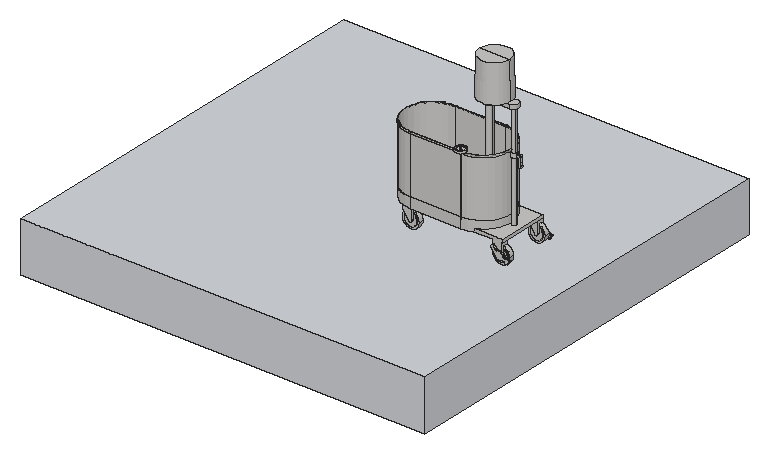
Revit family
Parameters (values of type "E-15-M")
  Waste Connection = yes
  WFU = 4
  Voltage = 115
  Vent Connection = no
  URL = "http://www.whitehallmfg.com/"
  Type Comments = ""
  Tempered Water Connection = yes
  Phone# = "626-336-4561"
  Model = "E-15-M"
  Material = Stainless-Whitehall-Type 304-Steel
  Manufacturer = "Whitehall Manufacturing "
  Hertz = 60
  HWFU = 3
  HW Connection = yes
  Designed By = "Allied Technical Services"  # constant formula
  Description = "E Series 15 Gallon Mobile Whirlpool E-15-M"
  Default Elevation = 0"
  Creation Date = "09/16/2015"  # constant formula
  CWFU = 2
  CW Connection = yes
  Assembly Code = "D2010510"
  Amperage = 8
  -PCS - Pump Cover Strainer = no
  -M-SDP Mobile Whirlpool with Seperate Srain Pump = no
  -M-MU - Mobile Whirlpool with Undercarriage = no
  -M-MH Mobile Whirlpool with Handle = no
  -M-DS - Mobile Whirlpool with Sump = no
  -M Mobile Whirlpool = yes
  -HL - Hydro Lift = no
  -GFI - Ground Fault Interrupter = no
  -EG Enviro Glaze Color Powder Coating (Specify Color) = no
  -E - Extremity Series = yes
  -ARS - Arm Rest Support = no
  -ALS - Adjustable Low Stool = no
  -ALC - Adjustable Low Chair = no
  -AHC2 - Adjustable High Chair with Rubber Tips = no
  -AHC1 - Adjustable High Chair with Casters = no
  -ADH - Auxiliary Drain Hose Assembly = no
  -60 Hz -Turbine Assembly = no
  -50 Hz -Turbine Assembly = no
  -15 Gallon Capacity = yes
Reference planes (in)
  plane 1 "Center (Front/Back)": y = 0
  plane 2: z = 0
  plane 3 "Center (Left/Right)": x = 30
  plane 4: x = 5
  plane 5: y = -6.5
  plane 6: y = 6.5
  plane 7: z = 21
  plane 8: z = 6
  plane 9: y = 5.274602
  plane 10: y = -5.274602
Forms (in)
  Extrusion 1, solid
    sketch origin (0, 0, 0) x (1, 0, 0) y (0, 1, 0)
      loop
        line (-48, 48) -> (-48, -48) -> (48, -48) -> (48, 48) -> (-48, 48)
    from 0 to -12
  Revolve 2, solid, material "Stainless-Whitehall-Type 304-Steel" <- "Material"
    sketch origin (-5.9536457, 0, 0.140625) x (-1, 0, 0) y (0, 0, 1)
      loop
        line (-30.9536457, 8.9711935) -> (-30.9536457, 31.109375) -> (-31.8286457, 31.109375) -> (-31.8286457, 28.9711935) -> (-31.6411457, 28.9711935) -> (-31.6411457, 8.9711935) -> (-30.9536457, 8.9711935)
      axis (-30.9536457, 8.9711935) -> (-30.9536457, 31.109375)
    angle from 0 to 360
  Revolve 3, solid, material "Stainless-Whitehall-Type 304-Steel" <- "Material"
    sketch origin (-4.7036457, 0, 0.140625) x (-1, 0, 0) y (0, 0, 1)
      loop
        line (-30.9536457, 31.109375) -> (-27.2036457, 31.109375) -> (-27.3806457, 39.859375) -> (-30.9536457, 39.859375) -> (-30.9536457, 31.109375)
      axis (-30.9536457, 31.109375) -> (-30.9536457, 39.859375)
    angle from 0 to 360
  Blend 4, solid, material "Stainless-Whitehall-Type 304-Steel" <- "Material"
    base sketch origin (-5.9536457, 0, 0.140625) x (-1, 0, 0) y (0, -1, 0)
      loop
        circle (-30.9536457, 0) r 0.875
    top sketch origin (-5.9536457, 0, 0.140625) x (-1, 0, 0) y (0, -1, 0)
      loop
        circle (-32.2036457, 0) r 3.573
    from 29.8138137 to 31.109375
  Extrusion 5, solid, material "Stainless-Whitehall-Type 304-Steel" <- "Material"
    sketch origin (-5.9536457, 0, 0.140625) x (-1, 0, 0) y (0, -1, 0)
      loop
        line (-36.6500311, -1.11632) -> (-33.2280323, -1.11632)
        arc (-33.2280323, -1.11632) -> (-32.1117123, 0) -> (-33.2280323, 1.11632) r 1.11632
        line (-33.2280323, 1.11632) -> (-36.6500311, 1.11632)
        arc (-36.6500311, 1.11632) -> (-37.7663512, 0) -> (-36.6500311, -1.11632) r 1.11632
    from 31.109375 to 30.2822276
  Extrusion 6, solid, material "Stainless-Whitehall-Type 304-Steel" <- "Material"
    sketch origin (13.8127054, 0, -0.4872892) x (1, 0, 0) y (0, 1, 0)
      loop
        line (12.2133517, -6) -> (19.1255449, -6) -> (19.1255449, 6) -> (12.2133517, 6) -> (12.2133517, -6)
    from 5.2372892 to 6
  Extrusion 7, solid, material "Stainless-Whitehall-Type 304-Steel" <- "Material"
    sketch origin (73.1074255, -5.0493064, 12.996087) x (-1, 0, 0) y (0, 0, -1)
      loop
        line (40.303103, 8.246087) -> (42.4852648, 8.246087) -> (42.4852648, 9.1453202) -> (41.0074764, 11.2558207)
        arc (41.0074764, 11.2558207) -> (40.5647627, 11.3714546) -> (40.303103, 10.996087) r 0.4000744
        line (40.303103, 10.996087) -> (40.303103, 8.246087)
    from -0.5001024 to 0.9506936
  Extrusion 8, solid, material "Stainless-Whitehall-Type 304-Steel" <- "Material"
    sketch origin (73.1076463, -36.7614084, 12.996087) x (-1, 0, 0) y (0, 0, -1)
      loop
        circle (40.7031774, 10.996087) r 2
    from -31.9868064 to -30.9868064
  Extrusion 9, solid, material "Stainless-Whitehall-Type 304-Steel" <- "Material"
    sketch origin (73.1074255, -37.2595283, 12.996087) x (-1, 0, 0) y (0, 0, -1)
      loop
        circle (40.7031774, 10.996087) r 1.5
    from -32.5445972 to -31.430933
  Extrusion 10, solid, material "Stainless-Whitehall-Type 304-Steel" <- "Material"
    sketch origin (73.1074255, 5.0493064, 12.996087) x (-1, 0, 0) y (0, 0, 1)
      loop
        line (40.303103, -8.246087) -> (40.303103, -10.996087)
        arc (40.303103, -10.996087) -> (40.5647627, -11.3714546) -> (41.0074764, -11.2558207) r 0.4000744
        line (41.0074764, -11.2558207) -> (42.4852648, -9.1453202) -> (42.4852648, -8.246087) -> (40.303103, -8.246087)
    from -0.5001024 to 0.9506936
  Extrusion 11, solid, material "Stainless-Whitehall-Type 304-Steel" <- "Material"
    sketch origin (73.1076463, 36.7614084, 12.996087) x (-1, 0, 0) y (0, 0, 1)
      loop
        circle (40.7031774, -10.996087) r 2
    from -31.9868064 to -30.9868064
  Extrusion 12, solid, material "Stainless-Whitehall-Type 304-Steel" <- "Material"
    sketch origin (73.1074255, 37.2595283, 12.996087) x (-1, 0, 0) y (0, 0, 1)
      loop
        circle (40.7031774, -10.996087) r 1.5
    from -32.5445972 to -31.430933
  Extrusion 13, solid, material "Stainless-Whitehall-Type 304-Steel" <- "Material"
    sketch origin (13.8717283, 0.5, -0.6424283) x (1, 0, 0) y (0, 0, 1)
      loop
        arc (17.8074552, 2.1402058) -> (18.1232646, 1.8611113) -> (18.5325197, 1.7604158) r 0.8820124
        line (18.5325197, 1.7604158) -> (19.745802, 1.7604158) -> (19.745802, 1.4187655) -> (20.4695508, 1.4187655) -> (20.4695508, 1.7884362)
        arc (20.4695508, 1.7884362) -> (20.7658157, 1.9141932) -> (20.9218519, 2.1956899) r 0.4942905
        line (20.9218519, 2.1956899) -> (20.9488494, 2.3488005) -> (19.8764669, 2.5378905)
        arc (19.8764669, 2.5378905) -> (19.5773177, 2.6679642) -> (19.3698261, 2.9196717) r 0.6986743
        arc (19.3698261, 2.9196717) -> (18.9709336, 3.4077643) -> (18.3481133, 3.504948) r 0.8820124
        arc (18.3481133, 3.504948) -> (17.9255403, 3.5605808) -> (17.5660706, 3.7895883) r 0.984615
        line (17.5660706, 3.7895883) -> (16.8828764, 4.4727825) -> (16.7377213, 4.3276274)
        arc (16.7377213, 4.3276274) -> (16.6089496, 4.0523893) -> (16.6864779, 3.7585738) r 0.4457879
        line (16.6864779, 3.7585738) -> (17.8074552, 2.1402058)
    from 6.5 to 6.875
  Extrusion 14, solid, material "Stainless-Whitehall-Type 304-Steel" <- "Material"
    sketch origin (13.8717283, -0.5, -0.6424283) x (1, 0, 0) y (0, 0, -1)
      loop
        line (17.8074552, -2.1402058) -> (16.6864779, -3.7585738)
        arc (16.6864779, -3.7585738) -> (16.6089496, -4.0523893) -> (16.7377213, -4.3276274) r 0.4457879
        line (16.7377213, -4.3276274) -> (16.8828764, -4.4727825) -> (17.5660706, -3.7895883)
        arc (17.5660706, -3.7895883) -> (17.9255403, -3.5605808) -> (18.3481133, -3.504948) r 0.984615
        arc (18.3481133, -3.504948) -> (18.9709336, -3.4077643) -> (19.3698261, -2.9196717) r 0.8820124
        arc (19.3698261, -2.9196717) -> (19.5773177, -2.6679642) -> (19.8764669, -2.5378905) r 0.6986743
        line (19.8764669, -2.5378905) -> (20.9488494, -2.3488005) -> (20.9218519, -2.1956899)
        arc (20.9218519, -2.1956899) -> (20.7658157, -1.9141932) -> (20.4695508, -1.7884362) r 0.4942905
        line (20.4695508, -1.7884362) -> (20.4695508, -1.4187655) -> (19.745802, -1.4187655) -> (19.745802, -1.7604158) -> (18.5325197, -1.7604158)
        arc (18.5325197, -1.7604158) -> (18.1232646, -1.8611113) -> (17.8074552, -2.1402058) r 0.8820124
    from 6.5 to 6.875
  Sweep 15, solid, material "Stainless-Whitehall-Type 304-Steel" <- "Material"
    path origin (14, 0, 0) x (1, 0, 0) y (0, 1, 0)
      loop
        arc (-2.5, 6.5) -> (-9, 0) -> (-2.5, -6.5) r 6.5
        line (-2.5, -6.5) -> (9.5, -6.5)
        arc (9.5, -6.5) -> (16, 0) -> (9.5, 6.5) r 6.5
        line (9.5, 6.5) -> (-2.5, 6.5)
    profile origin (5, 0, 0) x (1, 0, 0) y (0, 0, 1)
      loop
        line (0.1, 4.75) -> (0.1, 21) -> (0, 21)
        arc (0, 21) -> (-0.125, 20.875) -> (0, 20.75) r 0.125
        line (0, 20.75) -> (0, 7.25) -> (-0.0625, 7.25) -> (-0.0625, 4.75) -> (0.1, 4.75)
  Extrusion 16, solid, material "Stainless-Whitehall-Type 304-Steel" <- "Material"
    sketch origin (14.1, 0, 0) x (1, 0, 0) y (0, 1, 0)
      loop
        arc (-2.6, 6.4) -> (-9, 0) -> (-2.6, -6.4) r 6.4
        line (-2.6, -6.4) -> (9.4, -6.4)
        arc (9.4, -6.4) -> (15.8, 0) -> (9.4, 6.4) r 6.4
        line (9.4, 6.4) -> (-2.6, 6.4)
    from 5.2372892 to 6
  Revolve 17, void
    sketch origin (14.225, 0, 0) x (1, 0, 0) y (0, 0, 1)
      loop
        line (10.75, 5.5127108) -> (11.65625, 5.5127108) -> (11.65625, 5.6251113) -> (12.6862483, 6) -> (10.75, 6) -> (10.75, 5.5127108)
      axis (10.75, 6) -> (10.75, 5.5127108)
    angle from 0 to 360
  Extrusion 18, solid, material "Stainless-Whitehall-Type 304-Steel" <- "Material"
    sketch origin (14.0000314, 23.8554995, -11.2118319) x (1, 0, 0) y (0, 0, 1)
      loop
        line (17, 31.75) -> (17, 31.2595731) -> (17.875, 31.2595731)
        arc (17.875, 31.2595731) -> (18.0517767, 31.1863498) -> (18.125, 31.0095731) r 0.25
        line (18.125, 31.0095731) -> (18.125, 30.3331609)
        arc (18.125, 30.3331609) -> (18.1027331, 29.9099894) -> (18.0361785, 29.4914915) r 4.0322249
        arc (18.0361785, 29.4914915) -> (18.3125, 29.1499688) -> (18.5888215, 29.4914915) r 0.2825454
        arc (18.5888215, 29.4914915) -> (18.5222669, 29.9099894) -> (18.5, 30.3331609) r 4.0322249
        line (18.5, 30.3331609) -> (18.5, 31.5)
        arc (18.5, 31.5) -> (18.4267767, 31.6767767) -> (18.25, 31.75) r 0.25
        line (18.25, 31.75) -> (17, 31.75)
    from 23.6054995 to 24.1054995
  Revolve 19, solid, material "Stainless-Whitehall-Type 304-Steel" <- "Material"
    sketch origin (0, 0, 0) x (1, 0, 0) y (0, 0, 1)
      loop
        line (30.8541533, 5.5127108) -> (31.3541533, 5.5127108) -> (31.3541533, 19.9228526) -> (31.4791533, 19.9228526) -> (31.4791533, 20.6728526) -> (31.2291533, 20.6728526) -> (31.2291533, 30.4228526) -> (30.8541533, 30.4228526) -> (30.8541533, 5.5127108)
      axis (30.8541533, 30.4228526) -> (30.8541533, 5.5127108)
    angle from 0 to 360
  Extrusion 20, solid, material "Stainless-Whitehall-Type 304-Steel" <- "Material"
    sketch origin (-29.7582339, -36.7614084, 12.996087) x (1, 0, 0) y (0, 0, 1)
      loop
        circle (40.7031774, -10.996087) r 2
    from -31.9868064 to -30.9868064
  Extrusion 21, solid, material "Stainless-Whitehall-Type 304-Steel" <- "Material"
    sketch origin (-29.758013, -37.2595283, 12.996087) x (1, 0, 0) y (0, 0, 1)
      loop
        circle (40.7031774, -10.996087) r 1.5
    from -32.5445972 to -31.430933
  Extrusion 22, solid, material "Stainless-Whitehall-Type 304-Steel" <- "Material"
    sketch origin (51.6483418, -5.0493064, 12.996087) x (-1, 0, 0) y (0, 0, -1)
      loop
        line (40.303103, 7.7587977) -> (42.4852648, 7.7587977) -> (42.4852648, 9.1453202) -> (41.0074764, 11.2558207)
        arc (41.0074764, 11.2558207) -> (40.5647627, 11.3714546) -> (40.303103, 10.996087) r 0.4000744
        line (40.303103, 10.996087) -> (40.303103, 7.7587977)
    from -0.5001024 to 0.9506936
  Revolve 23, solid, material "Stainless-Whitehall-Type 304-Steel" <- "Material"
    sketch origin (-45.8815464, -1.4163479, 4.0768392) x (1, 0, 0) y (0, 1, 0)
      loop
        arc (70.8722796, 8.7192637) -> (70.3637168, 8.6746446) -> (69.870693, 8.5421506) r 2.9205759
        line (69.870693, 8.5421506) -> (69.870693, 8.1779603) -> (69.995693, 8.1779603) -> (69.995693, 8.4532764)
        arc (69.995693, 8.4532764) -> (70.305708, 8.536249) -> (70.6231895, 8.5831445) r 2.7955759
        line (70.6231895, 8.5831445) -> (70.6231895, 7.6467103) -> (70.4158814, 7.6467103) -> (70.4158814, 7.215393) -> (70.474645, 7.215393) -> (70.474645, 6.965393) -> (70.380895, 6.965393) -> (70.380895, 6.6242941) -> (70.2908814, 6.6242941) -> (70.2908814, 6.2219722) -> (70.380895, 6.2219722)
        arc (70.380895, 6.2219722) -> (70.1796386, 5.6628154) -> (70.380895, 5.1036586) r 0.8773893
        line (70.380895, 5.1036586) -> (70.2908814, 5.1036586) -> (70.2908814, 4.7113948) -> (70.4158814, 4.7113948) -> (70.4158814, 3.1188836) -> (70.2596314, 3.1188836) -> (70.2596314, 2.7602924) -> (70.8722796, 2.7602924) -> (70.8722796, 8.7192637)
      axis (70.8722796, 2.7602924) -> (70.8722796, 8.7192637)
    angle from 0 to 360
  Extrusion 24, solid, material "Stainless-Whitehall-Type 304-Steel" <- "Material"
    sketch origin (-45.8815464, -0.5100979, 4.0768392) x (1, 0, 0) y (0, 0, -1)
      loop
        line (72.9499706, -1.16045) -> (72.9499706, -0.91045) -> (71.7074819, -0.91045) -> (71.5081908, 0.1226688)
        arc (71.5081908, 0.1226688) -> (70.8722796, 0.6476346) -> (70.2363685, 0.1226688) r 0.6476346
        line (70.2363685, 0.1226688) -> (70.0370774, -0.91045) -> (68.7945887, -0.91045) -> (68.7945887, -1.16045) -> (70.1161562, -1.16045) -> (70.3591057, 0.0989925)
        arc (70.3591057, 0.0989925) -> (70.8722796, 0.5226346) -> (71.3854535, 0.0989925) r 0.5226346
        line (71.3854535, 0.0989925) -> (71.628403, -1.16045) -> (72.9499706, -1.16045)
    from 2.5755089 to 3.5755089
  Sweep 25, solid, material "Stainless-Whitehall-Type 304-Steel" <- "Material"
    path origin (-45.8815464, -1.4163479, 4.0768392) x (0, -1, 0) y (0, 0, -1)
      loop
        line (-1.4163479, -1.4358715) -> (-1.4163479, -1)
        arc (-1.4163479, -1) -> (-1.7092412, -0.2928932) -> (-2.4163479, 0) r 1
        line (-2.4163479, 0) -> (-2.7602924, 0)
    profile origin (-45.8815464, 1.3439445, 4.0768392) x (0, 0, 1) y (1, 0, 0)
      loop
        circle (0, 70.8722796) r 0.8320313
  Revolve 26, solid, material "Stainless-Whitehall-Type 304-Steel" <- "Material"
    sketch origin (25.0137323, -1.4223887, 4.125) x (0, -1, 0) y (0, 0, -1)
      loop
        line (-6.0378154, 0) -> (-6.0378154, 1.4375) -> (-6.0846904, 1.4375) -> (-6.0846904, 1.1875) -> (-6.1628154, 1.1875) -> (-6.1628154, 0) -> (-6.0378154, 0)
      axis (-5.6628154, 0) -> (-5.6628154, 1.4375)
    angle from 0 to 360
  Extrusion 27, solid, material "Stainless-Whitehall-Type 304-Steel" <- "Material"
    sketch origin (-29.7582339, 36.7614084, 12.996087) x (1, 0, 0) y (0, 0, -1)
      loop
        circle (40.7031774, 10.996087) r 2
    from -31.9868064 to -30.9868064
  Extrusion 28, solid, material "Stainless-Whitehall-Type 304-Steel" <- "Material"
    sketch origin (-29.758013, 37.2595283, 12.996087) x (1, 0, 0) y (0, 0, -1)
      loop
        circle (40.7031774, 10.996087) r 1.5
    from -32.5445972 to -31.430933
  Extrusion 29, solid, material "Stainless-Whitehall-Type 304-Steel" <- "Material"
    sketch origin (51.6483418, 5.0493064, 12.996087) x (-1, 0, 0) y (0, 0, 1)
      loop
        line (40.303103, -7.7587977) -> (40.303103, -10.996087)
        arc (40.303103, -10.996087) -> (40.5647627, -11.3714546) -> (41.0074764, -11.2558207) r 0.4000744
        line (41.0074764, -11.2558207) -> (42.4852648, -9.1453202) -> (42.4852648, -7.7587977) -> (40.303103, -7.7587977)
    from -0.5001024 to 0.9506936
  Extrusion 30, solid, material "Stainless-Whitehall-Type 304-Steel" <- "Material"
    sketch origin (19.29359, -17.6529593, 0) x (1, 0, 0) y (0, 1, 0)
      loop
        circle (3.8506973, 11.4616312) r 0.0625
    from 6.3649998 to 21.25
  Extrusion 31, solid, material "Stainless-Whitehall-Type 304-Steel" <- "Material"
    sketch origin (19.3244605, -38.3494399, 8.9146186) x (1, 0, 0) y (0, 1, 0)
      loop
        circle (3.8510768, 32) r 1.25
      loop
        circle (3.8510768, 32) r 1
    from 12.3353814 to 12.6825799
  Extrusion 32, solid, material "Stainless-Whitehall-Type 304-Steel" <- "Material"
    sketch origin (19.3244605, -38.4074787, 8.9146186) x (1, 0, 0) y (0, 1, 0)
      loop
        circle (3.8510768, 32.0580388) r 1
    from 12.3353814 to 12.6126371
  Extrusion 33, solid, material "Stainless-Whitehall-Type 304-Steel" <- "Material"
    sketch origin (13.1917666, 18.9392559, -7.7288811) x (-1, 0, 0) y (0, -1, 0)
      loop
        line (-10.3703162, 25.6696282) -> (-10.4419433, 25.5673341) -> (-10.0882444, 25.3512348)
        arc (-10.0882444, 25.3512348) -> (-10.0525608, 25.2565114) -> (-9.9515871, 25.2494308) r 0.09375
        line (-9.9515871, 25.2494308) -> (-9.3825893, 24.9017904) -> (-9.9038731, 25.3175734)
        arc (-9.9038731, 25.3175734) -> (-9.9450617, 25.410036) -> (-10.0462771, 25.4111703) r 0.09375
        line (-10.0462771, 25.4111703) -> (-10.3703162, 25.6696282)
    from 29.1187674 to 29.3260795
  Extrusion 34, solid, material "Stainless-Whitehall-Type 304-Steel" <- "Material"
    sketch origin (0.09375, 0, -0.4210053) x (1, 0, 0) y (0, 1, 0)
      loop
        circle (24.9212175, 0) r 1.25
    from 8.0328238 to 9.5328238
Cuts and joins
  Revolve 17 cuts Sweep 15
  Revolve 17 cuts Extrusion 16
  joined: Revolve 2, Revolve 3, Blend 4, Extrusion 5, Extrusion 6, Extrusion 7, Extrusion 8, Extrusion 9, Extrusion 10, Extrusion 11, Extrusion 12, Extrusion 13, Extrusion 14, Sweep 15, Extrusion 16, Extrusion 18, Revolve 19, Extrusion 20, Extrusion 21, Extrusion 22, Revolve 23, Extrusion 24, Sweep 25, Revolve 26, Extrusion 27, Extrusion 28, Extrusion 29, Extrusion 30, Extrusion 31, Extrusion 32, Extrusion 33, Extrusion 34
Dimensions and locks (in)
  plane 4 to plane 3 "Center (Left/Right)" = 25"
  plane 6 to plane 5 = 13"
  plane 7 to Extrusion 1 = 21"
  plane 7 to plane 8 = 15"
  aligned and locked: plane 2 to Extrusion 1
  aligned and locked: level to Extrusion 1
Connectors (in)
  piping at (25.0137323, 4.2404267, 2.6875)
    settings: on cut or joined group 1 (Revolve 2, Revolve 3, Blend 4, Extrusion 5, Extrusion 6, Extrusion 7, Extrusion 8, Extrusion 9, Extrusion 10, Extrusion 11, Extrusion 12, Extrusion 13, Extrusion 14, Sweep 15, Extrusion 16, Revolve 17, Extrusion 18, Revolve 19, Extrusion 20, Extrusion 21, Extrusion 22, Revolve 23, Extrusion 24, Sweep 25, Revolve 26, Extrusion 27, Extrusion 28, Extrusion 29, Extrusion 30, Extrusion 31, Extrusion 32, Extrusion 33, Extrusion 34), index 1
  electrical at (26.1627815, -0.55816, 31.25)
    settings: on cut or joined group 1, index 2
